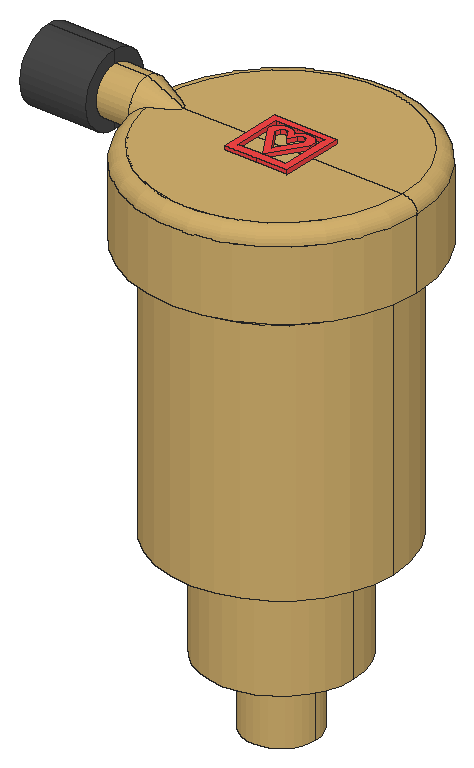
Revit family "Automatic air vents with check valve 2630 00 (01)", category Rohrzubehör, Revit 2019
Family settings
  Bemaßung runder Anschluss = Durchmesser verwenden
  Teiletyp = Normal
  OmniClass-Nummer = 23.65.55.14
  OmniClass-Titel = Valves for Liquid Services
  Arbeitsebenenbasiert = Nein
  Immer vertikal = Ja
  Beim Laden mit Abzugskörper schneiden = Nein
  Gemeinsam genutzt = Nein
Parameters
  min. Operating temperature = 0 °C  # constant formula
  max. Operating temperature = 110 °C  # constant formula
  max. Operating pressure = 800000.0 Pa  # constant formula
  URL = "www.herzvalves.com"
  Part number [instance] = if(Nennweite AG = 10.000 mm, 1263000, if(Nennweite AG = 15.000 mm, 1263001, 0))  # 1263000
  Medium = "heating water quality according to ÖNORM H5195 or VDI-Standard 2035.\r\nthe use of ethylene or propylene glycol in a mixing ratio 25-50% is allowed.\r\nplease refer to manufacturers documentation when using ethylene glycol products for frost and corrosion protection.\r\nthe HERZ air vent is not suitable for usage of aggressive medium (such as: acids, alkalis, combustible and explosive gases..) because it can damage the sealing components."
  Float ball = "polypropylene"  # constant formula
  SW = 10.500 mm  # constant formula
  SCRNSEQ = "AWI;AWI_TYP=\"1013\";1"
  SCRNCODE = "05;14;01"  # constant formula
  S05 = 25.300 mm  # constant formula
  S04 = SW * 2  # 21.000 mm
  S03 = 11.000 mm  # constant formula
  S02 = 24.500 mm  # constant formula
  S01 = 59.000 mm  # constant formula
  Backflow preventer housing = "machined brass acc. to EN 12165, CW617N 5"  # constant formula
  R01 = 2.000 mm  # constant formula
  Nennweite AG [instance] = 10.000 mm
  max. Structual pressure = 1200000.0 Pa  # constant formula
  L04 = L00 - L01  # 24.000 mm
  L03 = 13.500 mm  # constant formula
  L02 = 4.800 mm  # constant formula
  L01 = 9.500 mm  # constant formula
  L00 = 33.500 mm  # constant formula
  Hersteller = "Herz-Armaturen GmbH"  # constant formula
  H08 = 13.200 mm  # constant formula
  H06 = 25.300 mm  # constant formula
  H07 = 9.800 mm  # constant formula
  H05 = H00 - 1.000 mm  # 58.000 mm
  H04 = H03 - D03  # 57.900 mm
  H03 = 63.000 mm  # constant formula
  H02 = 9.500 mm  # constant formula
  H01 = 12.000 mm  # constant formula
  H00 = 59.000 mm  # constant formula
  Housing = "forged brass acc. to EN 12165, CW617N "  # constant formula
  G1 [instance] = Nennweite AG / 2  # 5.000 mm
  G = 5.000 mm  # constant formula
  Sealing = "NBR"  # constant formula
  Lid = "forged brass acc. to EN 12165, CW617N "  # constant formula
  D07 = 11.500 mm  # constant formula
  D06 = 4.000 mm  # constant formula
  D05 = 0.800 mm  # constant formula
  D04 = 3.400 mm  # constant formula
  D03 = 5.100 mm  # constant formula
  D02 = 19.500 mm  # constant formula
  D01 = 16.200 mm  # constant formula
  External threaded connectors = "acc. to ISO 228"  # constant formula
  Field of application = "HERZ - Air vent is used for venting of the central heating installations.\r\nthe air vent should be placed nearby the boiler or at the highest points of installation.\r\ninstallations must be carried out in such a way that the retention of air bubbles in a certain part of installation is not possible.\r\nbefore usage, unscrew the polypropylene cover cap on the lid for 2 to 3 turns.\r\nin case of uncontrolled medium leakage, tighten the cover cap.\r\nthe air vent must be cleaned or replaced.\r\nwe always recommend to use backflow preventer for easy service and replacement of the air vent."
  Cover cap = "polypropylene, black colour"  # constant formula
Reference planes
  plane 1 "Mitte (Vorne/hinten)": y = 0
  plane 2: z = 0
  plane 3 "Mitte (Links/rechts)": x = 0
Forms (mm)
  Revolve 1, solid, material "Messing", detail levels fine
    sketch origin (0, 0, 0) x (1, 0, 0) y (0, 0, 1)
      loop
        line (0, 0) -> (0, 59) -> (-17.5, 59)
        arc (-17.5, 59) -> (-18.914, 58.414) -> (-19.5, 57) r 2
        line (-19.5, 57) -> (-19.5, 47) -> (-18.2, 47)
        arc (-18.2, 47) -> (-16.786, 46.414) -> (-16.2, 45) r 2
        line (-16.2, 45) -> (-16.2, 9.5) -> (-5, 9.5) -> (-5, 0) -> (0, 0)
      axis (0, 59) -> (0, 0)
    angle from 0 to 360
  Revolve 2, solid, material "Kunststoff - schwarz", detail levels fine
    sketch origin (0, 0, 0) x (1, 0, 0) y (0, 0, 1)
      loop
        line (-33.5, 57.9) -> (-24, 57.9) -> (-24, 63) -> (-33.5, 63) -> (-33.5, 57.9)
      axis (-33.5, 57.9) -> (-24, 57.9)
    angle from 0 to 360
  Revolve 3, solid, material "Messing", detail levels fine
    sketch origin (0, 0, 0) x (1, 0, 0) y (0, 0, 1)
      loop
        line (-24, 57.9) -> (0, 57.9) -> (0, 58.7) -> (-13.5, 58.7) -> (-19.2, 61.3) -> (-24, 61.3) -> (-24, 57.9)
      axis (-24, 57.9) -> (0, 57.9)
    angle from 0 to 360
  Revolve 4, solid, material "Messing", detail levels fine
    sketch origin (0, 0, 0) x (1, 0, 0) y (0, 0, 1)
      loop
        line (-5, 9.5) -> (-11.5, 9.5) -> (-11.5, 7.2) -> (-10.5, 7.2) -> (-10.5, -6) -> (-5, -6) -> (-5, -15.8) -> (0, -15.8) -> (0, 0) -> (-5, 0) -> (-5, 9.5)
      axis (0, 9.5) -> (0, -15.8)
    angle from 0 to 360
Lines and regions (mm)
  model lines, detail levels coarse+medium
    curve 1: line (0, 0, 59) -> (11.455, 0, 47.545)
    curve 2: circle (0, 0, 34.5) r 11 normal (0, -1, 0)
    curve 3: line (-11.455, 0, 21.455) -> (0, 0, 10)
    curve 4: line (0, 0, 10) -> (11.455, 0, 21.455)
    curve 5: line (0, 0, 59) -> (0, 0, 45.5)
    curve 6: line (0, 0, 23.5) -> (0, 0, 9.5)
    curve 7: line (0, 0, 59) -> (-11.455, 0, 47.545)
    curve 8: line (-11.5, 0, 9.5) -> (9.5, 0, 9.5)
    curve 9: line (9.5, 0, 9.5) -> (-10.5, 0, -15.8)
    curve 10: line (-10.5, 0, -15.8) -> (10.5, 0, -15.8)
    curve 11: circle (-10.5, 0, -15.8) r 5 normal (0, -1, 0)
    curve 12: line (0, 0, 59) -> (0, -11.455, 47.545)
    curve 13: line (0, 0, 59) -> (0, 11.455, 47.545)
    curve 14: circle (0, 0, 34.5) r 11 normal (1, 0, 0)
    curve 15: line (0, 0, 10) -> (0, -11.455, 21.455)
    curve 16: line (0, 0, 10) -> (0, 11.455, 21.455)
    curve 18: line (0, -11.5, 9.5) -> (0, 9.5, 9.5)
    curve 19: line (0, 9.5, 9.5) -> (0, -10.5, -15.8)
    curve 20: line (0, -10.5, -15.8) -> (0, 10.5, -15.8)
    curve 21: circle (0, -10.5, -15.8) r 5 normal (1, 0, 0)
    curve 22: line (-9.5, 0, 0) -> (11.5, 0, 0)
    curve 23: line (-9.5, 0, 0) -> (9.5, 25.3, 0)
    curve 24: line (9.5, 25.3, 0) -> (-11.5, 25.3, 0)
    curve 25: circle (-9.5, 0, 0) r 5 normal (0, 0, 1)
    curve 26: line (0, 84.3, 0) -> (-11.455, 72.845, 0)
    curve 27: line (0, 84.3, 0) -> (11.455, 72.845, 0)
    curve 28: circle (0, 59.8, 0) r 11 normal (0, 0, 1)
    curve 29: line (0, 35.3, 0) -> (-11.455, 46.755, 0)
    curve 30: line (0, 35.3, 0) -> (11.455, 46.755, 0)
    curve 31: line (0, 84.3, 0) -> (0, 70.8, 0)
    curve 32: line (0, 48.8, 0) -> (0, 25.3, 0)
  model lines
    curve 17: line (0, 10.954, 33.496) -> (0, 10.954, 0)
Dimensions and locks
  "G": Revolve 1 sketch curve to Revolve 1 sketch curve
  "H00": Revolve 1 sketch curve to Revolve 1 sketch curve
  "D01": Revolve 1 sketch curve to Revolve 1 sketch curve
  "D02": Revolve 1 sketch curve to Revolve 1 sketch curve
  "H02": Revolve 1 sketch curve to Revolve 1 sketch curve
  "H01": Revolve 1 sketch curve to Revolve 1 sketch curve
  "D03": Revolve 2 sketch curve to Revolve 2 sketch curve
  "L01": Revolve 2 sketch curve to Revolve 2 sketch curve
  "L00": Revolve 2 sketch curve to plane 3 "Mitte (Links/rechts)"
  "D04": Revolve 3 sketch curve to Revolve 3 sketch curve
  "L02": Revolve 3 sketch curve to Revolve 3 sketch curve
  "L03": Revolve 3 sketch curve to plane 3 "Mitte (Links/rechts)"
  "L04": Revolve 3 sketch curve to plane 3 "Mitte (Links/rechts)"
  "D05": Revolve 3 sketch curve to Revolve 3 sketch curve
  "H03": Revolve 2 sketch curve to plane 2
  "H04": Revolve 3 sketch curve to plane 2
  "H05": nested 1 to plane 2
  "H06": Revolve 4 sketch curve to Revolve 4 sketch curve
  "G1": Revolve 4 sketch curve to Revolve 4 sketch curve
  "H02": Revolve 4 sketch curve to Revolve 4 sketch curve
  "G": Revolve 4 sketch curve to Revolve 4 sketch curve
  "D07": Revolve 4 sketch curve to Revolve 4 sketch curve
  "SW": Revolve 4 sketch curve to Revolve 4 sketch curve
  "H08": Revolve 4 sketch curve to Revolve 4 sketch curve
  "S01": curve 5 to plane 2
  "S02": curve 5 to curve 2 to curve 4
  "D01": curve 7 to curve 7
  "D01": curve 1 to curve 1
  "D01": curve 3 to curve 3
  "D01": curve 4 to curve 4
  "S04": curve 8 to curve 9
  "S05": curve 8 to curve 10
  "S04": curve 10 to curve 9
  "S01": curve 13 to plane 2
  "S02": curve 13 to curve 14 to curve 16
  "D01": curve 12 to curve 12
  "D01": curve 13 to curve 13
  "D01": curve 15 to curve 15
  "D01": curve 16 to curve 16
  "S04": curve 18 to curve 19
  "S04": curve 20 to curve 20
  "S05": curve 20 to curve 18
  "S04": curve 24 to curve 24
  "S04": curve 22 to curve 23
  "S05": curve 24 to curve 22
  "S01": curve 31 to curve 32
  "S02": curve 31 to curve 28 to curve 30
  "D01": curve 26 to curve 26
  "D01": curve 27 to curve 27
  "D01": curve 29 to curve 29
  "D01": curve 30 to curve 30
  "H07": Revolve 4 sketch curve to Revolve 4 sketch curve
  equal spacing: curve 10, plane 3 "Mitte (Links/rechts)", curve 10
  equal spacing: curve 20, plane 1 "Mitte (Vorne/hinten)", curve 20
  "R01": radius of Revolve 1 sketch curve  (x2)
  "S03": radius of curve 2
  "S03": radius of curve 14
  "S03": radius of curve 28
  angle curve 5 to curve 1 = 45.00°
  angle curve 7 to curve 5 = 45.00°
  angle curve 6 to curve 3 = 45.00°
  angle curve 4 to curve 6 = 45.00°
  angle curve 12 to plane 1 "Mitte (Vorne/hinten)" = 45.00°
  angle plane 1 "Mitte (Vorne/hinten)" to curve 13 = 45.00°
  angle plane 1 "Mitte (Vorne/hinten)" to curve 15 = 45.00°
  angle curve 16 to plane 1 "Mitte (Vorne/hinten)" = 45.00°
  angle curve 26 to curve 31 = 45.00°
  angle curve 31 to curve 27 = 45.00°
  angle curve 32 to curve 29 = 45.00°
  angle curve 30 to curve 32 = 45.00°
  aligned and locked: level to plane 2
Automatic sketch dimensions
  curve 16 to plane 1 "Mitte (Vorne/hinten)" = 0.000 mm
  curve 13 to plane 1 "Mitte (Vorne/hinten)" = 0.000 mm
  curve 14 to plane 1 "Mitte (Vorne/hinten)" = 0.000 mm
  curve 17 to level = 0.000 mm
  curve 21 to curve 19 = 0.000 mm
  curve 18 to plane 1 "Mitte (Vorne/hinten)" = 9.500 mm
  curve 21 to level = 15.800 mm
  curve 19 to curve 21 = 0.000 mm
  curve 17 to plane 1 "Mitte (Vorne/hinten)" = 10.954 mm
  curve 3 to plane 3 "Mitte (Links/rechts)" = 0.000 mm
  curve 5 to plane 3 "Mitte (Links/rechts)" = 0.000 mm
  curve 6 to plane 3 "Mitte (Links/rechts)" = 0.000 mm
  curve 2 to plane 3 "Mitte (Links/rechts)" = 0.000 mm
  curve 11 to curve 9 = 0.000 mm  (x2)
  plane 3 "Mitte (Links/rechts)" to curve 9 = 9.500 mm
  level to curve 8 = 9.500 mm
  plane 1 "Mitte (Vorne/hinten)" to curve 25 = 0.000 mm
  plane 1 "Mitte (Vorne/hinten)" to curve 22 = 0.000 mm
  curve 31 to plane 3 "Mitte (Links/rechts)" = 0.000 mm
  curve 32 to plane 3 "Mitte (Links/rechts)" = 0.000 mm
  curve 28 to plane 3 "Mitte (Links/rechts)" = 0.000 mm
  curve 29 to plane 3 "Mitte (Links/rechts)" = 0.000 mm
  curve 25 to plane 3 "Mitte (Links/rechts)" = 9.500 mm
  curve 22 to curve 25 = 0.000 mm
  plane 3 "Mitte (Links/rechts)" to curve 24 = 9.500 mm
  Revolve 1 sketch curve to level = 0.000 mm
  Revolve 1 sketch curve to plane 3 "Mitte (Links/rechts)" = 0.000 mm  (x2)
  Revolve 1 sketch curve to level = 2000.000 mm
  Revolve 1 sketch curve to Revolve 1 sketch curve = 1937.000 mm
  Revolve 2 sketch curve to Revolve 2 sketch curve = 0.000 mm  (x3)
  Revolve 3 sketch curve to plane 3 "Mitte (Links/rechts)" = 0.000 mm
  Revolve 3 sketch curve to Revolve 3 sketch curve = 0.212 mm
  Revolve 3 sketch curve to plane 3 "Mitte (Links/rechts)" = 0.539 mm
  Revolve 3 sketch curve to Revolve 3 sketch curve = 0.000 mm
  Revolve 4 sketch curve to level = 0.000 mm
  Revolve 4 sketch curve to plane 3 "Mitte (Links/rechts)" = 0.000 mm  (x2)
  Revolve 4 sketch curve to Revolve 4 sketch curve = 346.545 mm
  Revolve 4 sketch curve to Revolve 4 sketch curve = 2204.815 mm
  radius of curve 21 = 5.000 mm
  radius of curve 11 = 5.000 mm
  radius of curve 25 = 5.000 mm
Nested families
  nested 1: "Herz-Logo" at (0, 0, 58), type "Herz-Logo", detail levels fine
Connectors
  piping at (0, 0, -15.8), diameter 10, driven by "Nennweite AG"
    settings: on Revolve 4, index 1, connector inside diameter 609.6 mm, connector length 0.000 mm, flow factor 0, pipe flow 0.0 L/s, pressure drop 0.0 Pa, fitting loss kfactor 0, connector angle 0.00°, fixture units 0, engagement length 0.000 mm, angle of deflection 0.00°, flow configuration 0, flow direction 0, fitting loss method 0, system type 7, joint type 0, gender type 0, connector reference index -1, connector utility 0, adjustable connector no, is connector primary yes, connector description ""
Definition of nested family "Herz-Logo"
  Reference planes
    plane 1 "Mitte (Vorne/hinten)": y = 0
    plane 2: z = 0
    plane 3 "Mitte (Links/rechts)": x = 0
  Forms (mm)
    Extrusion 1, solid
      sketch origin (0, 0, 0) x (1, 0, 0) y (0, 1, 0)
        loop
          line (-0.018, -4.517) -> (4.482, -4.517) -> (4.482, 4.483) -> (-4.518, 4.483) -> (-4.518, -4.517) -> (-0.018, -4.517)
        loop
          line (-0.05, -3.48) -> (3.482, -3.48) -> (3.482, 3.483) -> (-3.518, 3.483) -> (-3.518, -3.48) -> (-0.05, -3.48)
        loop
          arc (-0.018, 2.383) -> (-1.543, 3.287) -> (-3.067, 2.383) r 1.738
          arc (-3.067, 2.383) -> (-3.191, 1.899) -> (-3.067, 1.415) r 1.009
          line (-3.067, 1.415) -> (-0.018, -3.281) -> (3.032, 1.415)
          arc (3.032, 1.415) -> (3.156, 1.899) -> (3.032, 2.383) r 1.009
          arc (3.032, 2.383) -> (1.507, 3.287) -> (-0.018, 2.383) r 1.738
        loop
          arc (1.885, 1.272) -> (2.005, 1.675) -> (1.885, 2.079) r 0.74
          arc (1.885, 2.079) -> (1.265, 2.416) -> (0.644, 2.079) r 0.74
          line (0.644, 2.079) -> (-0.018, 0.97) -> (-0.679, 2.079)
          arc (-0.679, 2.079) -> (-1.3, 2.416) -> (-1.921, 2.079) r 0.74
          arc (-1.921, 2.079) -> (-2.04, 1.675) -> (-1.921, 1.272) r 0.74
          line (-1.921, 1.272) -> (-0.018, -1.658) -> (1.885, 1.272)
      from 0 to 1.5
  Dimensions and locks
    aligned and locked: level to plane 2
